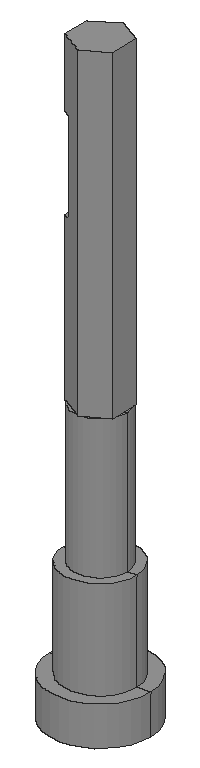
Revit family "Hammereinsatz Typ 2530 für Staberder ST, BP und OMEX", category Generic Models, Revit 2015
Parameters (values of type "2530 25")
  Width 2 = 7.9 mm
  Width 1 = 14 mm
  Width = 20 mm
  URL = "http://www.obo-bettermann.com"
  Material = Steel
  Manufacturer Art.No. = "3043452"
  Manufacturer = "OBO Bettermann"
  Height 5 = 55 mm
  Height 4 = 8 mm
  Height 3 = 111 mm
  Height 2 = 55 mm
  Height 1 = 15.6 mm
  Height = 240 mm
  GTIN = "4012195243618"
  Article Type = "2530 25"
Types (3, lengths in mm): name | Width 2 | Width 1 | Manufacturer Art.No. | GTIN | Article Type
  (no name) | 7.9 | 14 | "3043452" | "4012195243618" | "2530 25"
  2530 20 | 6.9 | 11.5 | "3043401" | "4012195243557" | "2530 20"
  2530 25 | 7.9 | 14 | "3043452" | "4012195243618" | "2530 25"
Reference planes
  plane 1 "Center (Front/Back)": y = 0
  plane 2: z = 0
  plane 3 "Center (Left/Right)": x = 0
  plane 4: z = 240
Forms (mm)
  Revolve 1, solid, material "Steel" <- "Material"
    sketch origin (0, 0, 0) x (1, 0, 0) y (0, 0, 1)
      loop
        line (14, 0) -> (20, 0) -> (20, 15.6) -> (14.5, 15.6) -> (14.5, 55) -> (10.7, 55) -> (10.7, 111) -> (0, 111) -> (0, 55) -> (7.9, 55) -> (7.9, 8) -> (14, 8) -> (14, 0)
      axis (0, 111) -> (0, 0)
    angle from 0 to 360
  Extrusion 2, solid, material "Steel" <- "Material"
    sketch origin (0, 0, 0) x (1, 0, 0) y (0, 1, 0)
      loop
        line (9.518, 5.495) -> (0, 10.99) -> (-9.518, 5.495) -> (-9.518, -5.495) -> (0, -10.99) -> (9.518, -5.495) -> (9.518, 5.495)
    from 111 to 240
  Extrusion 3, void
    sketch origin (0, 0, 0) x (1, 0, 0) y (0, 0, 1)
      loop
        line (-9.518, 212.73) -> (-9.518, 176.33) -> (-7.018, 176.33) -> (-7.018, 212.73) -> (-9.518, 212.73)
    from -10.99 to 10.99
Cuts and joins
  Extrusion 3 cuts Extrusion 2
Dimensions and locks
  "Width": Revolve 1 sketch curve to plane 3 "Center (Left/Right)"
  "Height 1": Revolve 1 sketch curve to level
  locked: Revolve 1 sketch curve to plane 3 "Center (Left/Right)" at 14.5
  "Height 2": Revolve 1 sketch curve to level
  locked: Revolve 1 sketch curve to plane 3 "Center (Left/Right)" at 10.7
  "Height 3": Revolve 1 sketch curve to level
  "Width 1": Revolve 1 sketch curve to plane 3 "Center (Left/Right)"
  "Width 2": Revolve 1 sketch curve to plane 3 "Center (Left/Right)"
  "Height 4": Revolve 1 sketch curve to level
  "Height 5": Revolve 1 sketch curve to level
  "Height": plane 4 to level
  locked: Extrusion 3 sketch curve to Extrusion 3 sketch curve at 36.4
  locked: Extrusion 2 to Extrusion 3 sketch curve at 27.27
  locked: Extrusion 2 to Extrusion 3 sketch curve at 2.5
  aligned and locked: level to plane 2
  aligned and locked: Revolve 1 sketch curve to level
  aligned and locked: plane 3 "Center (Left/Right)" to Revolve 1 sketch curve
  aligned and locked: Revolve 1 sketch curve to plane 3 "Center (Left/Right)"
  aligned and locked: Extrusion 2 to Revolve 1
  aligned and locked: plane 4 to Extrusion 2
  aligned and locked: Extrusion 3 sketch curve to Extrusion 2
  aligned and locked: Extrusion 2 to Extrusion 3  (x2)
Automatic sketch dimensions
  Revolve 1 sketch curve to level = 366.045 mm
  Revolve 1 sketch curve to Revolve 1 sketch curve = 2103.315 mm
